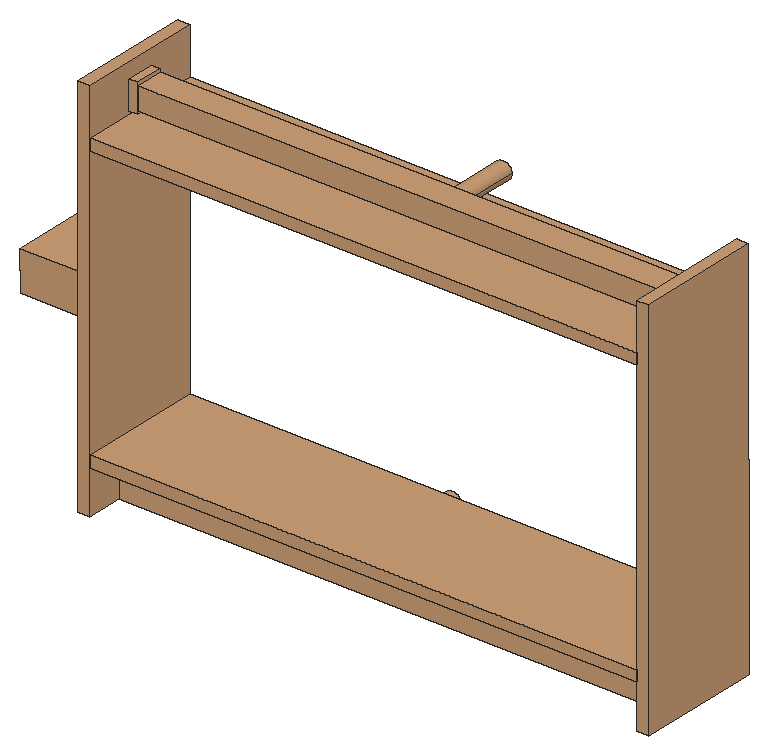
Revit family
Parameters
  Center Of Unit = 0' - 0"  # constant formula
  Water Pressure Drop [instance] = 0.00 psi
  Water Flow [instance] = 0 GPM
  Unit Weight (lbs) = 864
  URL = "http://www.ljwing.com/"
  Water Outlet Radius = 0' - 1 1/2"
  Water Outlet Odd sizes = 0' - 5 23/64"
  Total Heating Capacity [instance] = 0.0 Btu/h
  Temperature Rise [instance] = 0 °F
  Series = "VIFB"
  Outlet Area = 32.20 SF
  Number of Rows = 1  # constant formula
  Number of Coils [instance] = 0
  Nominal Length = 8' - 4 1/2"
  Model = "VC-9"
  Manufacturer = "LJ Wing"
  Leaving Water Temperature [instance] = 0 °F
  Leaving Air Temperature [instance] = 0 °F
  Face Velocity (FPM) [instance] = 0
  Entering Water Temperature [instance] = 0 °F
  Entering Air Temperature [instance] = 0 °F
  Description = "Vertical Integral Face & Bypass Water Heating Coils"
  Hot Water Odd Sizes = 0' - 5 23/64"
  Hot Water Inlet Offset = 0' - 4 3/8"  # constant formula
  Hot Water Inlet  Radius = 0' - 1 1/2"
  Coil Face Area = Outlet Area * 0.56  # 18.032 SF
  Casing Material = ""
  Assembly Code = "D3020300"
  Air Pressure Drop [instance] = 0.00 in-wg
  Air Inlet Width = Nominal Length - 0' 4"  # 8' - 0 1/2"
  Air Inlet Height = Y  # 4' - 0"
  Air Flow [instance] = 0 CFM
  Z = 0' - 2 1/8"
  Y = 4' - 0"
  S = 0' - 9 3/4"
  Product URL = "http://www.ljwing.com/html/vifb.asp"
  OmniClass = "23-75 70 21 14"
  Nominal Height = 5' - 8"
  Nominal Depth = 1' - 10"
  R = 0' - 10 1/4"
  Q = 0' - 5 1/4"
  P = 0' - 5 1/8"
  L = 0' - 5 15/16"
Reference planes (in)
  plane 1 "Center (Front/Back)": y = 0
  plane 2: z = -24
  plane 3 "Center (Left/Right)": x = 0
  plane 4: z = 34.25
  plane 5: x = -50.25
  plane 6: x = 50.25
  plane 7: z = -33.75
  plane 8: z = 0
  plane 9: y = -11
  plane 10: y = 11
  plane 11: z = 24
  plane 12: z = 26
  plane 13: z = -26
  plane 14: x = 48.25
  plane 15: x = -48.25
  plane 16: z = 29.125
  plane 17: z = -27.8125
  plane 18: x = -45
  plane 19: x = 45
  plane 20: y = 13.125
  plane 21: y = 15.375
  plane 22: x = -61.25
  plane 23: x = 5.35938
  plane 24: x = -5.35937
  plane 25: z = 31.125
  plane 26: z = 27.125
  plane 27: y = -2.5
  plane 28: y = 2.5
  plane 29: y = -4.5
Forms (in)
  Extrusion 1, solid, material "Painted Finish"
    sketch origin (0, 6, -9.75) x (1, 0, 0) y (0, 0, 1)
      loop
        line (-50.25, -24) -> (-48.25, -24) -> (-48.25, 44) -> (-50.25, 44) -> (-50.25, -24)
      loop
        line (50.25, -24) -> (50.25, 44) -> (48.25, 44) -> (48.25, -24) -> (50.25, -24)
    from -5 to 17
  Extrusion 2, solid, material "Painted Finish"
    sketch origin (0, 6, 0) x (1, 0, 0) y (0, 0, 1)
      loop
        line (48.25, -24) -> (-48.25, -24) -> (-48.25, -26) -> (48.25, -26) -> (48.25, -24)
      loop
        line (48.25, 24) -> (48.25, 26) -> (-48.25, 26) -> (-48.25, 24) -> (48.25, 24)
    from -5 to 17
  Extrusion 3, solid, material "Painted Finish"
    sketch origin (0, 10, -0.5) x (1, 0, 0) y (0, 0, 1)
      loop
        line (-50.25, 4) -> (-61.25, 4) -> (-61.25, -3) -> (-50.25, -3) -> (-50.25, 4)
    from 0 to 20
  Extrusion 4, solid, material "Painted Finish"
    sketch origin (0, 6, 0) x (1, 0, 0) y (0, 0, 1)
      loop
        line (-46.625, 31.125) -> (-46.625, 27.125) -> (46.625, 27.125) -> (46.625, 31.125) -> (-46.625, 31.125)
    from 3.5 to 8.5
  Extrusion 5, solid, material "Painted Finish"
    sketch origin (0, 0, 0) x (1, 0, 0) y (0, 0, 1)
      loop
        line (-46.625, 26.625) -> (-46.625, 31.625) -> (-48.25, 31.625) -> (-48.25, 26.625) -> (-46.625, 26.625)
      loop
        line (48.25, 26.625) -> (48.25, 31.625) -> (46.625, 31.625) -> (46.625, 26.625) -> (48.25, 26.625)
    from -2.5 to 2.5
  Extrusion 6, solid, material "Painted Finish"
    sketch origin (0, 23, 0) x (1, 0, 0) y (0, 0, 1)
      loop
        circle (5.35938, 29.125) r 1.5
    from 9.875 to 20.5
  Extrusion 7, solid, material "Painted Finish"
    sketch origin (0, 6, 0) x (1, 0, 0) y (0, 0, 1)
      loop
        line (-48.25, -26) -> (-48.25, -33.75) -> (48.25, -33.75) -> (48.25, -26) -> (-48.25, -26)
    from -5 to 10.5
  Extrusion 8, solid, material "Painted Finish"
    sketch origin (0, 23, 0) x (1, 0, 0) y (0, 0, 1)
      loop
        circle (-5.35937, -27.8125) r 1.5
    from 7.625 to 12
  Extrusion 9, void
    sketch origin (0, 0, 0) x (1, 0, 0) y (0, 0, 1)
      loop
        line (-48.25, 24) -> (-48.25, -24) -> (48.25, -24) -> (48.25, 24) -> (-48.25, 24)
    from -11 to 11
Cuts and joins
  Extrusion 9 cuts Extrusion 1
  Extrusion 9 cuts Extrusion 2
Dimensions and locks (in)
  "Nominal Length": plane 6 to plane 5
  equal spacing: plane 6, plane 3 "Center (Left/Right)", plane 5
  "S": plane 2 to plane 7
  "Nominal Depth": plane 10 to plane 9
  equal spacing: plane 10, plane 1 "Center (Front/Back)", plane 9
  "Y": plane 11 to plane 2
  "R": plane 4 to plane 11
  locked: plane 12 to plane 11 at 2
  locked: plane 2 to plane 13 at 2
  "P": plane 4 to plane 16
  "L": plane 17 to plane 7
  "Q": plane 18 to plane 5
  "Q": plane 6 to plane 19
  "Z": plane 20 to plane 10
  "Hot Water Inlet Offset": plane 21 to plane 10
  locked: plane 5 to plane 22 at 11
  locked: Extrusion 3 sketch curve to Extrusion 3 sketch curve at 7
  locked: Extrusion 3 to Extrusion 3 at 20
  locked: plane 6 to plane 14 at 2
  locked: plane 15 to plane 5 at 2
  "Water Outlet Odd sizes": plane 23 to plane 3 "Center (Left/Right)"
  "Hot Water Odd Sizes": plane 3 "Center (Left/Right)" to plane 24
  equal spacing: plane 25, plane 16, plane 26
  locked: Extrusion 5 sketch curve to plane 25 at 0.5
  locked: plane 26 to Extrusion 5 sketch curve at 0.5
  locked: Extrusion 6 sketch curve to plane 16 at 0
  locked: Extrusion 6 sketch curve to plane 23 at 0
  locked: Extrusion 8 sketch curve to plane 17 at 0
  locked: Extrusion 8 sketch curve to plane 24 at 0
  locked: plane 25 to plane 26 at 4
  locked: plane 28 to plane 27 at 5
  equal spacing: plane 28, plane 1 "Center (Front/Back)", plane 27
  locked: plane 27 to plane 29 at 2
  plane 4 to plane 7 = 5' - 8"
  locked: Extrusion 5 sketch curve to Extrusion 1 at 1.625
  locked: Extrusion 5 sketch curve to Extrusion 5 sketch curve at 1.625
  locked: Extrusion 9 sketch curve to plane 11 at 0
  locked: Extrusion 9 sketch curve to plane 15 at 0
  locked: Extrusion 9 sketch curve to plane 14 at 0
  locked: Extrusion 9 sketch curve to plane 2 at 0
  equal spacing: plane 11, plane 8, plane 2
  "Water Outlet Radius": radius of Extrusion 6 sketch curve
  "Hot Water Inlet  Radius": radius of Extrusion 8 sketch curve
  aligned and locked: Extrusion 1 to plane 9
  aligned and locked: Extrusion 1 to plane 10
  aligned and locked: plane 15 to Extrusion 1
  aligned and locked: Extrusion 1 to plane 14
  aligned and locked: Extrusion 2 to plane 9
  aligned and locked: plane 9 to Extrusion 1
  aligned and locked: plane 10 to Extrusion 1  (x2)
  aligned and locked: Extrusion 2 to plane 10
  aligned and locked: plane 10 to Extrusion 2  (x2)
  aligned and locked: plane 9 to Extrusion 2  (x2)
  aligned and locked: plane 5 to Extrusion 3
  aligned and locked: Extrusion 5 sketch curve to plane 15
  aligned and locked: Extrusion 5 sketch curve to Extrusion 4
  aligned and locked: Extrusion 6 to plane 20
  aligned and locked: Extrusion 1 to Extrusion 7
  aligned and locked: Extrusion 8 to plane 10
  aligned and locked: plane 21 to Extrusion 8
  aligned and locked: plane 27 to Extrusion 5
  aligned and locked: Extrusion 5 to Extrusion 4  (x2)
  aligned and locked: Extrusion 5 to plane 28
  aligned and locked: Extrusion 6 to Extrusion 4
  aligned and locked: Extrusion 7 to plane 29  (x2)
  aligned and locked: Extrusion 8 to Extrusion 7
  aligned and locked: Extrusion 4 to Extrusion 5  (x2)
  aligned and locked: Extrusion 5 to Extrusion 1  (x2)
  aligned and locked: plane 2 to Extrusion 2
  aligned and locked: plane 6 to Extrusion 1 sketch curve
  aligned and locked: plane 14 to Extrusion 1 sketch curve
  aligned and locked: Extrusion 1 sketch curve to plane 15
  aligned and locked: Extrusion 1 sketch curve to plane 5
  aligned and locked: plane 7 to Extrusion 1 sketch curve  (x2)
  aligned and locked: Extrusion 1 sketch curve to plane 4  (x2)
  aligned and locked: Extrusion 2 sketch curve to plane 11
  aligned and locked: Extrusion 2 sketch curve to plane 12
  aligned and locked: Extrusion 2 sketch curve to plane 14  (x2)
  aligned and locked: Extrusion 2 sketch curve to plane 15  (x2)
  aligned and locked: Extrusion 2 sketch curve to plane 13
  aligned and locked: plane 2 to Extrusion 2 sketch curve
  aligned and locked: plane 13 to Extrusion 7 sketch curve
  aligned and locked: Extrusion 7 sketch curve to plane 7
  aligned and locked: Extrusion 7 sketch curve to plane 14
  aligned and locked: plane 15 to Extrusion 7 sketch curve
  aligned and locked: cut or joined group of Extrusion 1, Extrusion 9 to plane 10
  aligned and locked: Extrusion 8 to plane 21
Automatic sketch dimensions
  Extrusion 3 sketch curve to plane 22 = 0' - 0"
  Extrusion 3 sketch curve to plane 5 = 0' - 0"
  plane 8 to Extrusion 3 sketch curve = 0' - 3 1/2"
  Extrusion 4 sketch curve to plane 25 = 0' - 0"
  Extrusion 4 sketch curve to plane 26 = 0' - 0"
  Extrusion 4 sketch curve to plane 18 = 0' - 1 5/8"
  plane 19 to Extrusion 4 sketch curve = 0' - 1 5/8"
  plane 26 to Extrusion 5 sketch curve = 0' - 0 1/2"
  Extrusion 5 sketch curve to plane 25 = 0' - 0 1/2"
Connectors (in)
  hvac at (0, -11, 0), driven by "Air Inlet Height", driven by "Air Inlet Width", driven by "Air Flow", driven by "Air Pressure Drop"
    settings: on Extrusion 9, index 1
  hvac at (0, 11, 0), driven by "Air Pressure Drop", driven by "Air Inlet Height", driven by "Air Inlet Width", driven by "Air Flow"
    settings: on Extrusion 9, index 2
  piping at (5.35938, 13.125, 29.125), driven by "Water Flow", driven by "Water Outlet Radius", driven by "Water Pressure Drop"
    settings: on Extrusion 6, index 3
  piping at (-5.35937, 15.375, -27.8125), driven by "Water Flow", driven by "Water Pressure Drop", driven by "Hot Water Inlet  Radius"
    settings: on Extrusion 8, index 4
